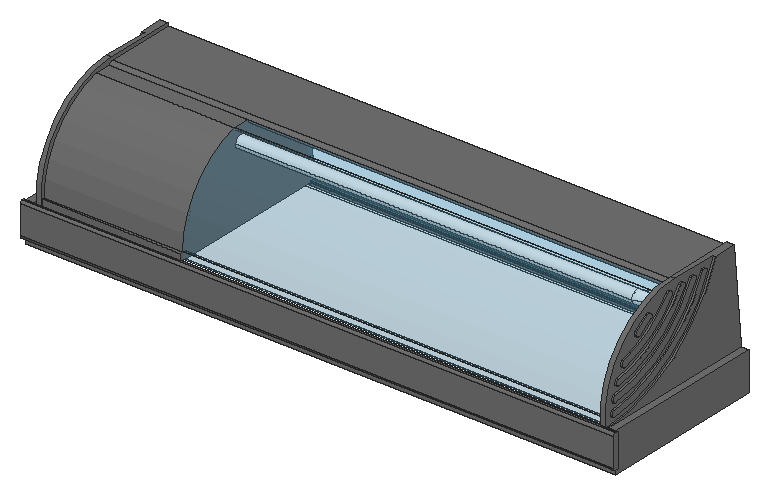
Revit family "QF_HOSHIZAKI_HNC-120BE-L-B", category Specialty Equipment, Revit 2016
Family settings
  Part Type = Normal
  Round Connector Dimension = Use Diameter
  OmniClass Number = 23.40.40.14
  OmniClass Title = Food Service Equipment
  Work Plane-Based = No
  Always vertical = Yes
  Cut with Voids When Loaded = No
  Shared = No
  Room Calculation Point = No
Parameters (values of type "HNC-120BE-L-B_230V/1Ph/50Hz")
  Weight = 32.00 kg
  Volts = 230 V
  URL Cutsheet = ""
  URL = "www.hoshizaki-europe.com"
  Status [instance] = ""
  Specification by User [instance] = ""
  Specification by Manufacturer [instance] = ""
  Serial Number = ""
  Seismic Rating = ""
  SMACNA No = ""
  Revision Code [instance] = ""
  Phase = 1
  Number of Poles = 2
  NAFEM Spec ID Number = ""
  Model = "HNC-120BE-L-B"
  Min Ckt Ampacity = 0 A
  Max Overcurrent Protection = 0 A
  Masterspec = ""
  Manufacturer = "HOSHIZAKI"
  Length Actual = 1200 mm
  Item Number [instance] = ""
  Installed By [instance] = ""
  Identify Quantity as Lot [instance] = no
  Height Actual = 270 mm
  HP power = ""
  Furnished By [instance] = ""
  Foodservice Equipment Identifier [instance] = yes
  FL Amps = 0.68 A
  Electric power = 150 W
  Electric Connection Type [instance] = ""
  Elec Conn RI Height [instance] = 0 mm
  Elec Conn Connection Height [instance] = 18 mm
  Description = "42 LITRE SUSHI CASE, BLACK, LEFT MOUNTED CONDENSER"
  Depth Actual = 345 mm
  Cycle = 50 Hz
  Cost = 0
  Conn Plug = ""
  Conn Conduit = no
  CSI MasterFormat = ""
  Assembly Code = "E1090320"
  Apparent Power = 150 VA
  Accessory = no
Types (2, lengths in mm): name | Volts | FL Amps
  HNC-120BE-L-B_230V/1Ph/50Hz | 230 V | 0.68 A
  HNC-120BE-L-B_240V/1Ph/50Hz | 240 V | 0.63 A
Reference planes
  plane 1 "Center (Front/Back)": y = 0
  plane 2: z = 0
  plane 3 "Center (Left/Right)": x = 0
Forms (mm)
  Extrusion 1, solid, not visible
    sketch origin (28, -2, 17) x (1, 0, 0) y (0, 1, 0)
      loop
        line (0, 0) -> (2, 0) -> (2, 2) -> (0, 2) -> (0, 0)
    from 0 to 2
  Extrusion 2, solid, not visible
    sketch origin (28, -2, 17) x (1, 0, 0) y (0, 1, 0)
      loop
        line (0, 0) -> (2, 0) -> (2, 2) -> (0, 2) -> (0, 0)
    from 0 to 2
Dimensions and locks
  aligned and locked: level to plane 2
Nested families
  nested 1: "QF_HOSHIZAKI_HNC-120BE-L-B_230V_1Ph_50Hz" at (0, 0, 0), type "HNC-120BE-L-B_230V/1Ph/50Hz"
    with Status "", Specification by User "", Show Clearance yes, Revision Code "", Number of Poles 1, Item Number "", Installed By "", Identify Quantity as Lot no, Furnished By "", Foodservice Equipment Identifier yes, Electrical Remarks "", Electric Connection Type "", Elec Conn RI Height 0 mm, Elec Conn Connection Height 19 mm, Conn Conduit yes
Connectors
  electrical at (29, 0, 18), driven by "Apparent Power", driven by "Number of Poles", driven by "Volts"
    settings: on Extrusion 1, index 1, voltage 230 V, apparent load 0 VA, apparent load phase1 150 VA, apparent load phase2 0 VA, apparent load phase3 0 VA, power factor 1, load classification "Other", number of poles 2, system type 31, power factor state 1, is connector primary yes, connector utility no, sub classification motor no, connector description "Electric connection for 'HNC-120BE-L-B'"
  electrical at (29, 0, 18), driven by "Apparent Power", driven by "Number of Poles", driven by "Volts"
    settings: on Extrusion 2, index 2, voltage 230 V, apparent load 0 VA, apparent load phase1 150 VA, apparent load phase2 0 VA, apparent load phase3 0 VA, power factor 1, load classification "Other", number of poles 2, system type 31, power factor state 1, is connector primary no, connector utility no, sub classification motor no, connector description "Electric connection for 'HNC-120BE-L-B'"
Definition of nested family "QF_HOSHIZAKI_HNC-120BE-L-B_230V_1Ph_50Hz"
  Parameters (values of type "HNC-120BE-L-B_230V/1Ph/50Hz")
    Weight in Pounds = 70.5478
    Electric power = 150 W
    Volts = 230 V
    URL Cutsheet = "www.hoshizaki-europe.com"
    URL = "www.hoshizaki-europe.com"
    Status [instance] = ""
    Specification by User [instance] = ""
    Specification by Manufacturer = ""
    Show Clearance [instance] = yes
    Serial Number = ""
    Seismic Rating = ""
    SMACNA No = ""
    Revision Code [instance] = ""
    Phase = 1
    Number of Poles [instance] = 1
    NAFEM Spec ID Number = ""
    Model = "HNC-120BE-L-B"
    Min Ckt Ampacity = 0 A
    Max Overcurrent Protection = 0 A
    Masterspec = ""
    Manufacturer = "HOSHIZAKI"
    Item Number [instance] = ""
    Installed By [instance] = ""
    Identify Quantity as Lot [instance] = no
    HP power = "0.201153000000"
    Furnished By [instance] = ""
    Foodservice Equipment Identifier [instance] = yes
    FL Amps = 20 A
    Electrical Remarks [instance] = ""
    Electric Connection Type [instance] = ""
    Elec Conn RI Height [instance] = 0 mm
    Elec Conn Connection Height [instance] = 19 mm
    Description = "42 LITRE SUSHI CASE, BLACK, LEFT MOUNTED CONDENSER"
    Cycle = 50 Hz
    Conn Plug = ""
    Conn Conduit [instance] = yes
    CSI MasterFormat = ""
    Assembly Code = "E1090320"
    Apparent Power = 150 VA
  Types (2, lengths in mm): name | Phase | Identify Quantity as Lot | Elec Conn Connection Height
    (no name) | 0 | yes | 0
    HNC-120BE-L-B_230V/1Ph/50Hz | 1 | no | 19
  Values of the unnamed type that differ from the named types
    Weight in Pounds = 0
    Electric power = 0 W
    Volts = 0 V
    URL Cutsheet = ""
    URL = ""
    Model = ""
    Manufacturer = ""
    HP power = ""
    FL Amps = 0 A
    Description = ""
    Cycle = 0 Hz
    Apparent Power = 0 VA
  Reference planes
    plane 1 "Back": y = 0
    plane 2: z = 0
    plane 3 "Left": x = 0
    plane 4 "Right": x = 1200
    plane 5 "Front": y = -345
    plane 6 "Top": z = 270
  Forms (mm)
    Extrusion 1, solid
      sketch origin (0, 0, 0) x (0, 1, 0) y (0, 0, 1)
        loop
          line (-335, 11.612) -> (-335, 78.923) -> (-340, 78.923)
          arc (-340, 78.923) -> (-343.536, 77.458) -> (-345, 73.923) r 5
          line (-345, 73.923) -> (-345, 16.612)
          arc (-345, 16.612) -> (-343.536, 13.076) -> (-340, 11.612) r 5
          line (-340, 11.612) -> (-335, 11.612)
      from 0 to 1200
    Extrusion 2, solid
      sketch origin (4, 0, 0) x (0, 1, 0) y (0, 0, 1)
        loop
          line (0, 0) -> (0, 45.267) -> (-335, 45.267) -> (-335, 0) -> (0, 0)
      from 1192 to 0
    Extrusion 3, solid
      sketch origin (1180, 0, 0) x (0, 1, 0) y (0, 0, -1)
        loop
          arc (-335, -77.311) -> (-168.876, -131.23) -> (-62.821, -270) r 293.422
          line (-62.821, -270) -> (-16.482, -270) -> (0, -81.612) -> (0, -45.267) -> (-335, -45.267) -> (-335, -77.311)
        loop
          arc (-83.709, -252.219) -> (-178.479, -139.765) -> (-317.08, -90.602) r 280.922
          arc (-317.08, -90.602) -> (-323.161, -96.407) -> (-318.029, -103.066) r 6.285
          arc (-318.029, -103.066) -> (-185.592, -150.044) -> (-95.039, -257.5) r 268.422
          arc (-95.039, -257.5) -> (-87.673, -258.508) -> (-83.709, -252.219) r 6.865
        loop
          arc (-111.859, -251.686) -> (-195.78, -158.227) -> (-314.06, -115.953) r 255.922
          arc (-314.06, -115.953) -> (-320.31, -121.62) -> (-315.28, -128.393) r 6.28
          arc (-315.28, -128.393) -> (-202.759, -168.597) -> (-122.925, -257.5) r 243.422
          arc (-122.925, -257.5) -> (-115.571, -258.059) -> (-111.859, -251.686) r 6.947
        loop
          arc (-140.937, -251.021) -> (-211.328, -177.909) -> (-306.269, -142.04) r 230.922
          arc (-306.269, -142.04) -> (-312.519, -147.451) -> (-308.057, -154.411) r 6.315
          arc (-308.057, -154.411) -> (-218.228, -188.332) -> (-151.626, -257.5) r 218.422
          arc (-151.626, -257.5) -> (-143.81, -258.338) -> (-140.937, -251.021) r 6.48
        loop
          arc (-173, -248.071) -> (-226.037, -198.16) -> (-293.13, -169.833) r 205.922
          arc (-293.13, -169.833) -> (-298.352, -176.046) -> (-293.527, -182.572) r 6.554
          arc (-293.527, -182.572) -> (-231.849, -209.297) -> (-183.042, -255.516) r 193.422
          arc (-183.042, -255.516) -> (-175.054, -255.795) -> (-173, -248.071) r 6.411
        loop
          arc (-225.482, -229.368) -> (-239.933, -218.945) -> (-255.34, -209.993) r 180.922
          arc (-255.34, -209.993) -> (-262.519, -213.318) -> (-261.08, -221.097) r 6.452
          arc (-261.08, -221.097) -> (-246.737, -229.431) -> (-233.285, -239.134) r 168.422
          arc (-233.285, -239.134) -> (-225.701, -237.193) -> (-225.482, -229.368) r 6.501
      from 0 to 5
    Extrusion 4, solid
      sketch origin (1175, 0, 0) x (0, 1, 0) y (0, 0, -1)
        loop
          line (-335, -45.267) -> (-335, -77.311)
          arc (-335, -77.311) -> (-288.48, -212.569) -> (-157.482, -270) r 178.115
          line (-157.482, -270) -> (-16.482, -270) -> (0, -81.612) -> (0, -45.267) -> (-335, -45.267)
      from 0 to 10
    Extrusion 5, solid
      sketch origin (20, 0, 0) x (0, 1, 0) y (0, 0, 1)
        loop
          line (-335, 77.311) -> (-335, 45.267) -> (0, 45.267) -> (0, 81.612) -> (-16.482, 270) -> (-62.821, 270)
          arc (-62.821, 270) -> (-168.876, 131.23) -> (-335, 77.311) r 293.422
        loop
          arc (-83.709, 252.219) -> (-87.673, 258.508) -> (-95.039, 257.5) r 6.865
          arc (-95.039, 257.5) -> (-185.592, 150.044) -> (-318.029, 103.066) r 268.422
          arc (-318.029, 103.066) -> (-323.161, 96.407) -> (-317.08, 90.602) r 6.285
          arc (-317.08, 90.602) -> (-178.479, 139.765) -> (-83.709, 252.219) r 280.922
        loop
          arc (-111.859, 251.686) -> (-115.571, 258.059) -> (-122.925, 257.5) r 6.947
          arc (-122.925, 257.5) -> (-202.759, 168.597) -> (-315.28, 128.393) r 243.422
          arc (-315.28, 128.393) -> (-320.31, 121.62) -> (-314.06, 115.953) r 6.28
          arc (-314.06, 115.953) -> (-195.78, 158.227) -> (-111.859, 251.686) r 255.922
        loop
          arc (-140.937, 251.021) -> (-143.81, 258.338) -> (-151.626, 257.5) r 6.48
          arc (-151.626, 257.5) -> (-218.228, 188.332) -> (-308.057, 154.411) r 218.422
          arc (-308.057, 154.411) -> (-312.519, 147.451) -> (-306.269, 142.04) r 6.315
          arc (-306.269, 142.04) -> (-211.328, 177.909) -> (-140.937, 251.021) r 230.922
        loop
          arc (-173, 248.071) -> (-175.054, 255.795) -> (-183.042, 255.516) r 6.411
          arc (-183.042, 255.516) -> (-231.849, 209.297) -> (-293.527, 182.572) r 193.422
          arc (-293.527, 182.572) -> (-298.352, 176.046) -> (-293.13, 169.833) r 6.554
          arc (-293.13, 169.833) -> (-226.037, 198.16) -> (-173, 248.071) r 205.922
        loop
          arc (-225.482, 229.368) -> (-225.701, 237.193) -> (-233.285, 239.134) r 6.501
          arc (-233.285, 239.134) -> (-246.737, 229.431) -> (-261.08, 221.097) r 168.422
          arc (-261.08, 221.097) -> (-262.519, 213.318) -> (-255.34, 209.993) r 6.452
          arc (-255.34, 209.993) -> (-239.933, 218.945) -> (-225.482, 229.368) r 180.922
      from 0 to 5
    Extrusion 6, solid
      sketch origin (25, 0, 0) x (0, 1, 0) y (0, 0, 1)
        loop
          line (-335, 45.267) -> (0, 45.267) -> (0, 81.612) -> (-16.482, 270) -> (-157.482, 270)
          arc (-157.482, 270) -> (-288.48, 212.569) -> (-335, 77.311) r 178.115
          line (-335, 77.311) -> (-335, 45.267)
      from 0 to 10
    Extrusion 7, solid
      sketch origin (0, 0, 0) x (0, 1, 0) y (0, 0, 1)
        loop
          line (-335.005, 77.311) -> (-9.983, 77.311) -> (-9.983, 45.267) -> (0, 45.267) -> (0, 81.612) -> (-15.607, 260) -> (-198.787, 260)
          arc (-198.787, 260) -> (-293.716, 198.698) -> (-330.597, 91.885) r 173.115
          line (-330.597, 91.885) -> (-335.597, 91.885) -> (-335.005, 77.311)
      from 35 to 317
    Extrusion 8, solid
      sketch origin (0, 0, 0) x (0, 1, 0) y (0, 0, 1)
        loop
          line (-9.983, 45.267) -> (-9.983, 67.293)
          arc (-9.983, 67.293) -> (-12.951, 74.377) -> (-20.035, 77.311) r 10.017
          line (-20.035, 77.311) -> (-324.983, 77.311)
          arc (-324.983, 77.311) -> (-332.066, 74.377) -> (-335, 67.293) r 10.017
          line (-335, 67.293) -> (-335, 45.267) -> (-9.983, 45.267)
      from 35 to 1165
    Extrusion 9, solid
      sketch origin (0, 0, 0) x (0, 1, 0) y (0, 0, 1)
        loop
          line (-16.044, 265) -> (-157.482, 265)
          arc (-157.482, 265) -> (-162.482, 263.66) -> (-166.142, 260) r 10
          line (-166.142, 260) -> (-166.142, 255) -> (-15.169, 255) -> (-16.044, 265)
      from 35 to 1165
    Extrusion 10, solid
      sketch origin (0, 0, 0) x (0, 1, 0) y (0, 0, 1)
        loop
          line (-166.142, 260) -> (-198.787, 260)
          arc (-198.787, 260) -> (-293.716, 198.698) -> (-330.597, 91.885) r 173.115
          line (-330.597, 91.885) -> (-330.597, 77.395) -> (-325.597, 77.395) -> (-325.597, 91.885)
          arc (-325.597, 91.885) -> (-289.967, 195.377) -> (-198.178, 255) r 168.115
          line (-198.178, 255) -> (-166.142, 255) -> (-166.142, 260)
      from 317 to 1165
    Sweep 11, solid
      path origin (0, 0, 230) x (1, 0, 0) y (0, 1, 0)
        loop
          line (1072.551, -50.66) -> (1112.551, -50.66)
          arc (1112.551, -50.66) -> (1140.051, -62.051) -> (1151.442, -89.551) r 38.891
          line (1151.442, -89.551) -> (1151.442, -153.787)
          arc (1151.442, -153.787) -> (1142.122, -176.287) -> (1119.622, -185.607) r 31.82
          line (1119.622, -185.607) -> (317, -185.607)
      profile origin (1092.551, -50.66, 230) x (0, 1, 0) y (0, 0, 1)
        loop
          circle (0, 0) r 12.5
    Extrusion 12, solid
      sketch origin (0, 0, 0) x (0, 1, 0) y (0, 0, 1)
        loop
          line (0, 45.267) -> (0, 81.612) -> (-1.743, 101.536) -> (-6.743, 101.536) -> (-5, 81.612) -> (-5, 77.311) -> (-10, 77.311) -> (-10, 45.267) -> (0, 45.267)
      from 317 to 1165
    Extrusion 13, solid
      sketch origin (0, 0, 0) x (0, 1, 0) y (0, 0, 1)
        loop
          line (-6.743, 101.536) -> (-1.743, 101.536) -> (-15.169, 255) -> (-20.169, 255) -> (-6.743, 101.536)
      from 1150 to 1165
    Extrusion 14, solid
      sketch origin (0, 0, 0) x (0, 1, 0) y (0, 0, 1)
        loop
          line (-5, 77.311) -> (-5, 81.612) -> (-20.169, 255) -> (-25.169, 255) -> (-9.917, 80.666) -> (-9.917, 77.311) -> (-5, 77.311)
      from 317 to 1165
    Extrusion 15, solid
      sketch origin (0, 0, 0) x (1, 0, 0) y (0, 0, 1)
        loop
          line (20, 45.267) -> (20, 78.923) -> (4, 78.923) -> (4, 45.267) -> (20, 45.267)
      from 0 to 335
    Extrusion 16, solid
      sketch origin (1180, 0, 0) x (1, 0, 0) y (0, 0, 1)
        loop
          line (16, 45.267) -> (16, 78.923) -> (0, 78.923) -> (0, 45.267) -> (16, 45.267)
      from 0 to 335
    Extrusion 17, solid
      sketch origin (30, 5, 19) x (1, 0, 0) y (0, 0, 1)
        loop
          circle (0, 0) r 5
      from 0 to 5
  Cuts and joins
    joined: Extrusion 7, Extrusion 9
    joined: Extrusion 3, Extrusion 4
    joined: Extrusion 5, Extrusion 6
    joined: Extrusion 12, Extrusion 13
    joined: Extrusion 2, Extrusion 15, Extrusion 16
  Lines and regions (mm)
    symbolic lines
      curve 1: line (0, -335, 0) -> (0, -345, 0)
      curve 2: line (0, -345, 0) -> (1200, -345, 0)
      curve 3: line (1200, -345, 0) -> (1200, -335, 0)
      curve 4: line (1200, -335, 0) -> (1196, -335, 0)
      curve 5: line (1196, -335, 0) -> (1196, 0, 0)
      curve 6: line (1196, 0, 0) -> (4, 0, 0)
      curve 7: line (35, 0, 0) -> (35, 5, 0)
      curve 8: line (35, 5, 0) -> (25, 5, 0)
      curve 9: line (25, 5, 0) -> (25, 0, 0)
      curve 10: line (4, 0, 0) -> (4, -335, 0)
      curve 11: line (4, -335, 0) -> (0, -335, 0)
      curve 12: line (0, -335, 0) -> (1200, -335, 0)
      curve 13: line (1165, -335, 0) -> (1165, 0, 0)
      curve 14: line (35, -335, 0) -> (35, 0, 0)
      curve 15: line (317, 0, 0) -> (317, -335, 0)
      curve 16: line (1165, -166.142, 0) -> (317, -166.142, 0)
      curve 17: arc (1120, -198.787, 0) -> (1146.027, -189.037, 0) -> (1161.784, -166.142, 0) r 46.31
      curve 18: arc (1135, -166.142, 0) -> (1127.423, -171.229, 0) -> (1118.655, -173.764, 0) r 29.577
      curve 19: line (1118.655, -173.764, 0) -> (317, -173.764, 0)
      curve 20: line (317, -198.787, 0) -> (1120, -198.787, 0)
  Dimensions and locks
    aligned and locked: level to plane 2
  Connectors
    electrical at (30, 5, 19), driven by "Apparent Power", driven by "Volts", driven by "Number of Poles"
      settings: on Extrusion 17, index 1, voltage 230 V, apparent load 0 VA, apparent load phase1 150 VA, apparent load phase2 0 VA, apparent load phase3 0 VA, power factor 1, load classification none, number of poles 1, system type 31, power factor state 1, is connector primary yes, connector utility no, sub classification motor no, connector description "Electrical Connection"
